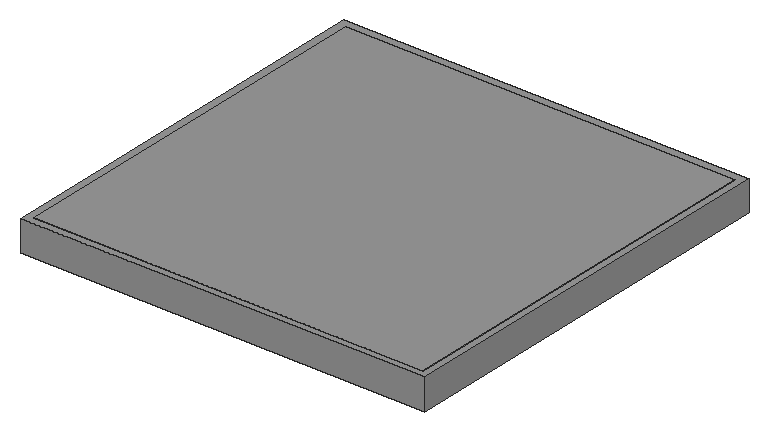
Revit family "ДВО-09 30 Вт Грильято DALI", category Осветительные приборы, Revit 2019 (continued)
Parameters (values of type "ДВО-09-О-30-3К-IP40-Грильято-DALI")
    0 0.0\r\n1213.1 1212.4 1211.4 1209.9 1207.9 1205.4 1202.5 1199.2 1195.4 1191.4 1186.7 1181.5 1176.1 1170.0 1163.6 1156.8 1149.5 1141.8 1133.8 1125.3 1116.3 1106.9 1097.4 1087.3 1076.9 1066.0 1055.1 1043.6 1032.1 1020.1 1007.7 995.1 982.0 968.3 954.5 940.5 926.0 911.6 896.4 881.5 865.6 850.1 833.9 817.7 801.0 784.3 767.3 750.5 733.2 716.1 698.4 680.8 662.5 644.3 625.5 606.7 587.4 568.2 548.4 528.9 509.0 489.1 468.8 448.8 428.2 407.8 387.1 366.6 345.6 325.0 304.0 283.4 262.5 242.3 221.7 201.9 182.0 162.7 143.6 124.9 107.4 90.3 74.6 59.7 46.8 35.2 26.0 18.6 13.5 10.1 7.9 6.9 6.3 6.1 6.2 6.2 6.2 6.2 6.3 6.4 0.0 0.0 0.0 0.0 0.0 0.0 0.0 0.0 0.0 0.0 0.0 0.0 0.0 0.0 0.0 0.0 0.0 0.0 0.0 0.0 0.0 0.0 0.0 0.0 0.0 0.0 0.0 0.0 0.0 0.0 0.0 0.0 0.0 0.0 0.0 0.0 0.0 0.0 0.0 0.0 0.0 0.0 0.0 0.0 0.0 0.0 0.0 0.0 0.0 0.0 0.0 0.0 0.0 0.0 0.0 0.0 0.0 0.0 0.0 0.0 0.0\r\n1213.1 1212.4 1211.2 1209.5 1207.3 1204.6 1201.4 1197.9 1193.9 1189.7 1184.8 1179.6 1173.9 1167.8 1161.1 1154.1 1146.5 1138.6 1130.3 1121.6 1112.5 1102.9 1093.3 1083.0 1072.6 1061.6 1050.5 1038.7 1027.0 1014.6 1002.0 989.0 975.7 961.8 947.9 933.7 919.2 904.6 889.6 874.5 859.0 843.5 827.5 811.2 794.7 777.8 760.8 743.6 726.1 708.5 690.7 672.6 654.3 635.8 617.2 598.2 579.1 559.8 540.3 520.6 500.6 480.7 460.3 440.2 419.4 399.0 378.2 357.6 336.7 316.2 295.3 275.0 254.3 234.4 214.1 194.5 175.0 156.0 137.2 119.1 101.8 85.3 70.0 55.8 43.3 32.6 23.9 17.1 12.4 9.3 7.5 6.7 6.4 6.3 6.4 6.4 6.3 6.4 6.5 6.6 0.0 0.0 0.0 0.0 0.0 0.0 0.0 0.0 0.0 0.0 0.0 0.0 0.0 0.0 0.0 0.0 0.0 0.0 0.0 0.0 0.0 0.0 0.0 0.0 0.0 0.0 0.0 0.0 0.0 0.0 0.0 0.0 0.0 0.0 0.0 0.0 0.0 0.0 0.0 0.0 0.0 0.0 0.0 0.0 0.0 0.0 0.0 0.0 0.0 0.0 0.0 0.0 0.0 0.0 0.0 0.0 0.0 0.0 0.0 0.0 0.0\r\n1213.1 1212.4 1211.0 1209.0 1206.6 1203.8 1200.3 1196.6 1192.3 1187.9 1182.9 1177.6 1171.6 1165.5 1158.5 1151.3 1143.5 1135.3 1126.8 1117.8 1108.6 1098.9 1089.1 1078.7 1068.2 1057.1 1045.8 1033.8 1021.8 1009.1 996.3 982.8 969.3 955.2 941.2 926.8 912.4 897.5 882.7 867.5 852.4 836.8 821.0 804.7 788.4 771.2 754.2 736.6 719.0 700.8 683.0 664.4 646.1 627.2 608.8 589.7 570.8 551.3 532.1 512.2 492.1 472.3 451.8 431.6 410.6 390.1 369.2 348.6 327.7 307.3 286.6 266.5 246.0 226.4 206.4 187.1 167.9 149.3 130.8 113.3 96.2 80.2 65.4 51.9 39.8 29.9 21.7 15.6 11.2 8.5 7.0 6.5 6.4 6.4 6.5 6.6 6.4 6.6 6.7 6.7 0.0 0.0 0.0 0.0 0.0 0.0 0.0 0.0 0.0 0.0 0.0 0.0 0.0 0.0 0.0 0.0 0.0 0.0 0.0 0.0 0.0 0.0 0.0 0.0 0.0 0.0 0.0 0.0 0.0 0.0 0.0 0.0 0.0 0.0 0.0 0.0 0.0 0.0 0.0 0.0 0.0 0.0 0.0 0.0 0.0 0.0 0.0 0.0 0.0 0.0 0.0 0.0 0.0 0.0 0.0 0.0 0.0 0.0 0.0 0.0 0.0\r\n1213.1 1212.5 1211.3 1209.5 1207.5 1205.0 1202.2 1198.8 1194.8 1190.7 1186.0 1181.0 1175.4 1169.1 1162.5 1155.4 1147.9 1140.1 1131.6 1123.0 1114.0 1104.9 1095.6 1085.8 1075.4 1064.4 1053.3 1041.6 1029.7 1017.2 1004.6 991.4 978.3 964.7 951.1 937.4 923.4 908.9 894.5 879.4 864.4 848.5 832.5 815.9 799.4 782.4 765.5 748.1 730.8 713.1 695.7 677.3 659.3 640.5 621.9 602.4 583.3 563.7 544.6 524.8 505.4 485.4 465.4 444.8 424.7 403.8 382.9 362.4 341.4 320.7 299.8 279.3 258.6 238.4 217.9 198.2 178.3 159.2 140.1 121.9 104.0 87.4 71.6 57.5 44.5 33.3 24.2 17.3 12.3 9.1 7.2 6.3 6.1 6.1 6.1 6.2 6.1 6.2 6.3 6.2 0.0 0.0 0.0 0.0 0.0 0.0 0.0 0.0 0.0 0.0 0.0 0.0 0.0 0.0 0.0 0.0 0.0 0.0 0.0 0.0 0.0 0.0 0.0 0.0 0.0 0.0 0.0 0.0 0.0 0.0 0.0 0.0 0.0 0.0 0.0 0.0 0.0 0.0 0.0 0.0 0.0 0.0 0.0 0.0 0.0 0.0 0.0 0.0 0.0 0.0 0.0 0.0 0.0 0.0 0.0 0.0 0.0 0.0 0.0 0.0 0.0\r\n1213.1 1212.5 1211.4 1209.7 1207.7 1205.2 1202.4 1199.0 1195.1 1191.1 1186.4 1181.3 1175.8 1169.6 1163.1 1156.1 1148.7 1141.0 1132.7 1124.2 1115.2 1105.9 1096.5 1086.6 1076.2 1065.2 1054.2 1042.6 1030.9 1018.7 1006.2 993.3 980.2 966.5 952.8 939.0 924.7 910.3 895.5 880.5 865.0 849.3 833.2 816.8 800.2 783.4 766.4 749.3 732.0 714.6 697.1 679.1 660.9 642.4 623.7 604.6 585.4 566.0 546.5 526.9 507.2 487.3 467.1 446.8 426.5 405.8 385.0 364.5 343.5 322.9 301.9 281.4 260.6 240.4 219.8 200.1 180.2 161.0 141.9 123.4 105.7 88.9 73.1 58.6 45.7 34.3 25.1 18.0 12.9 9.6 7.6 6.6 6.2 6.1 6.2 6.2 6.2 6.2 6.3 6.3 0.0 0.0 0.0 0.0 0.0 0.0 0.0 0.0 0.0 0.0 0.0 0.0 0.0 0.0 0.0 0.0 0.0 0.0 0.0 0.0 0.0 0.0 0.0 0.0 0.0 0.0 0.0 0.0 0.0 0.0 0.0 0.0 0.0 0.0 0.0 0.0 0.0 0.0 0.0 0.0 0.0 0.0 0.0 0.0 0.0 0.0 0.0 0.0 0.0 0.0 0.0 0.0 0.0 0.0 0.0 0.0 0.0 0.0 0.0 0.0 0.0\r\n1213.1 1212.4 1211.4 1209.9 1207.9 1205.4 1202.5 1199.2 1195.4 1191.4 1186.7 1181.5 1176.1 1170.0 1163.6 1156.8 1149.5 1141.8 1133.8 1125.3 1116.3 1106.9 1097.4 1087.3 1076.9 1066.0 1055.1 1043.6 1032.1 1020.1 1007.7 995.1 982.0 968.3 954.5 940.5 926.0 911.6 896.4 881.5 865.6 850.1 833.9 817.7 801.0 784.3 767.3 750.5 733.2 716.1 698.4 680.8 662.5 644.3 625.5 606.7 587.4 568.2 548.4 528.9 509.0 489.1 468.8 448.8 428.2 407.8 387.1 366.6 345.6 325.0 304.0 283.4 262.5 242.3 221.7 201.9 182.0 162.7 143.6 124.9 107.4 90.3 74.6 59.7 46.8 35.2 26.0 18.6 13.5 10.1 7.9 6.9 6.3 6.1 6.2 6.2 6.2 6.2 6.3 6.4 0.0 0.0 0.0 0.0 0.0 0.0 0.0 0.0 0.0 0.0 0.0 0.0 0.0 0.0 0.0 0.0 0.0 0.0 0.0 0.0 0.0 0.0 0.0 0.0 0.0 0.0 0.0 0.0 0.0 0.0 0.0 0.0 0.0 0.0 0.0 0.0 0.0 0.0 0.0 0.0 0.0 0.0 0.0 0.0 0.0 0.0 0.0 0.0 0.0 0.0 0.0 0.0 0.0 0.0 0.0 0.0 0.0 0.0 0.0 0.0 0.0\r\n1213.1 1212.4 1211.2 1209.5 1207.3 1204.6 1201.4 1197.9 1193.9 1189.7 1184.8 1179.6 1173.9 1167.8 1161.1 1154.1 1146.5 1138.6 1130.3 1121.6 1112.5 1102.9 1093.3 1083.0 1072.6 1061.6 1050.5 1038.7 1027.0 1014.6 1002.0 989.0 975.7 961.8 947.9 933.7 919.2 904.6 889.6 874.5 859.0 843.5 827.5 811.2 794.7 777.8 760.8 743.6 726.1 708.5 690.7 672.6 654.3 635.8 617.2 598.2 579.1 559.8 540.3 520.6 500.6 480.7 460.3 440.2 419.4 399.0 378.2 357.6 336.7 316.2 295.3 275.0 254.3 234.4 214.1 194.5 175.0 156.0 137.2 119.1 101.8 85.3 70.0 55.8 43.3 32.6 23.9 17.1 12.4 9.3 7.5 6.7 6.4 6.3 6.4 6.4 6.3 6.4 6.5 6.6 0.0 0.0 0.0 0.0 0.0 0.0 0.0 0.0 0.0 0.0 0.0 0.0 0.0 0.0 0.0 0.0 0.0 0.0 0.0 0.0 0.0 0.0 0.0 0.0 0.0 0.0 0.0 0.0 0.0 0.0 0.0 0.0 0.0 0.0 0.0 0.0 0.0 0.0 0.0 0.0 0.0 0.0 0.0 0.0 0.0 0.0 0.0 0.0 0.0 0.0 0.0 0.0 0.0 0.0 0.0 0.0 0.0 0.0 0.0 0.0 0.0\r\n1213.1 1212.4 1211.0 1209.0 1206.6 1203.8 1200.3 1196.6 1192.3 1187.9 1182.9 1177.6 1171.6 1165.5 1158.5 1151.3 1143.5 1135.3 1126.8 1117.8 1108.6 1098.9 1089.1 1078.7 1068.2 1057.1 1045.8 1033.8 1021.8 1009.1 996.3 982.8 969.3 955.2 941.2 926.8 912.4 897.5 882.7 867.5 852.4 836.8 821.0 804.7 788.4 771.2 754.2 736.6 719.0 700.8 683.0 664.4 646.1 627.2 608.8 589.7 570.8 551.3 532.1 512.2 492.1 472.3 451.8 431.6 410.6 390.1 369.2 348.6 327.7 307.3 286.6 266.5 246.0 226.4 206.4 187.1 167.9 149.3 130.8 113.3 96.2 80.2 65.4 51.9 39.8 29.9 21.7 15.6 11.2 8.5 7.0 6.5 6.4 6.4 6.5 6.6 6.4 6.6 6.7 6.7 0.0 0.0 0.0 0.0 0.0 0.0 0.0 0.0 0.0 0.0 0.0 0.0 0.0 0.0 0.0 0.0 0.0 0.0 0.0 0.0 0.0 0.0 0.0 0.0 0.0 0.0 0.0 0.0 0.0 0.0 0.0 0.0 0.0 0.0 0.0 0.0 0.0 0.0 0.0 0.0 0.0 0.0 0.0 0.0 0.0 0.0 0.0 0.0 0.0 0.0 0.0 0.0 0.0 0.0 0.0 0.0 0.0 0.0 0.0 0.0 0.0\r\n1213.1 1212.5 1211.3 1209.5 1207.5 1205.0 1202.2 1198.8 1194.8 1190.7 1186.0 1181.0 1175.4 1169.1 1162.5 1155.4 1147.9 1140.1 1131.6 1123.0 1114.0 1104.9 1095.6 1085.8 1075.4 1064.4 1053.3 1041.6 1029.7 1017.2 1004.6 991.4 978.3 964.7 951.1 937.4 923.4 908.9 894.5 879.4 864.4 848.5 832.5 815.9 799.4 782.4 765.5 748.1 730.8 713.1 695.7 677.3 659.3 640.5 621.9 602.4 583.3 563.7 544.6 524.8 505.4 485.4 465.4 444.8 424.7 403.8 382.9 362.4 341.4 320.7 299.8 279.3 258.6 238.4 217.9 198.2 178.3 159.2 140.1 121.9 104.0 87.4 71.6 57.5 44.5 33.3 24.2 17.3 12.3 9.1 7.2 6.3 6.1 6.1 6.1 6.2 6.1 6.2 6.3 6.2 0.0 0.0 0.0 0.0 0.0 0.0 0.0 0.0 0.0 0.0 0.0 0.0 0.0 0.0 0.0 0.0 0.0 0.0 0.0 0.0 0.0 0.0 0.0 0.0 0.0 0.0 0.0 0.0 0.0 0.0 0.0 0.0 0.0 0.0 0.0 0.0 0.0 0.0 0.0 0.0 0.0 0.0 0.0 0.0 0.0 0.0 0.0 0.0 0.0 0.0 0.0 0.0 0.0 0.0 0.0 0.0 0.0 0.0 0.0 0.0 0.0\r\n1213.1 1212.5 1211.4 1209.7 1207.7 1205.2 1202.4 1199.0 1195.1 1191.1 1186.4 1181.3 1175.8 1169.6 1163.1 1156.1 1148.7 1141.0 1132.7 1124.2 1115.2 1105.9 1096.5 1086.6 1076.2 1065.2 1054.2 1042.6 1030.9 1018.7 1006.2 993.3 980.2 966.5 952.8 939.0 924.7 910.3 895.5 880.5 865.0 849.3 833.2 816.8 800.2 783.4 766.4 749.3 732.0 714.6 697.1 679.1 660.9 642.4 623.7 604.6 585.4 566.0 546.5 526.9 507.2 487.3 467.1 446.8 426.5 405.8 385.0 364.5 343.5 322.9 301.9 281.4 260.6 240.4 219.8 200.1 180.2 161.0 141.9 123.4 105.7 88.9 73.1 58.6 45.7 34.3 25.1 18.0 12.9 9.6 7.6 6.6 6.2 6.1 6.2 6.2 6.2 6.2 6.3 6.3 0.0 0.0 0.0 0.0 0.0 0.0 0.0 0.0 0.0 0.0 0.0 0.0 0.0 0.0 0.0 0.0 0.0 0.0 0.0 0.0 0.0 0.0 0.0 0.0 0.0 0.0 0.0 0.0 0.0 0.0 0.0 0.0 0.0 0.0 0.0 0.0 0.0 0.0 0.0 0.0 0.0 0.0 0.0 0.0 0.0 0.0 0.0 0.0 0.0 0.0 0.0 0.0 0.0 0.0 0.0 0.0 0.0 0.0 0.0 0.0 0.0\r\n1213.1 1212.4 1211.4 1209.9 1207.9 1205.4 1202.5 1199.2 1195.4 1191.4 1186.7 1181.5 1176.1 1170.0 1163.6 1156.8 1149.5 1141.8 1133.8 1125.3 1116.3 1106.9 1097.4 1087.3 1076.9 1066.0 1055.1 1043.6 1032.1 1020.1 1007.7 995.1 982.0 968.3 954.5 940.5 926.0 911.6 896.4 881.5 865.6 850.1 833.9 817.7 801.0 784.3 767.3 750.5 733.2 716.1 698.4 680.8 662.5 644.3 625.5 606.7 587.4 568.2 548.4 528.9 509.0 489.1 468.8 448.8 428.2 407.8 387.1 366.6 345.6 325.0 304.0 283.4 262.5 242.3 221.7 201.9 182.0 162.7 143.6 124.9 107.4 90.3 74.6 59.7 46.8 35.2 26.0 18.6 13.5 10.1 7.9 6.9 6.3 6.1 6.2 6.2 6.2 6.2 6.3 6.4 0.0 0.0 0.0 0.0 0.0 0.0 0.0 0.0 0.0 0.0 0.0 0.0 0.0 0.0 0.0 0.0 0.0 0.0 0.0 0.0 0.0 0.0 0.0 0.0 0.0 0.0 0.0 0.0 0.0 0.0 0.0 0.0 0.0 0.0 0.0 0.0 0.0 0.0 0.0 0.0 0.0 0.0 0.0 0.0 0.0 0.0 0.0 0.0 0.0 0.0 0.0 0.0 0.0 0.0 0.0 0.0 0.0 0.0 0.0 0.0 0.0\r\n1213.1 1212.4 1211.2 1209.5 1207.3 1204.6 1201.4 1197.9 1193.9 1189.7 1184.8 1179.6 1173.9 1167.8 1161.1 1154.1 1146.5 1138.6 1130.3 1121.6 1112.5 1102.9 1093.3 1083.0 1072.6 1061.6 1050.5 1038.7 1027.0 1014.6 1002.0 989.0 975.7 961.8 947.9 933.7 919.2 904.6 889.6 874.5 859.0 843.5 827.5 811.2 794.7 777.8 760.8 743.6 726.1 708.5 690.7 672.6 654.3 635.8 617.2 598.2 579.1 559.8 540.3 520.6 500.6 480.7 460.3 440.2 419.4 399.0 378.2 357.6 336.7 316.2 295.3 275.0 254.3 234.4 214.1 194.5 175.0 156.0 137.2 119.1 101.8 85.3 70.0 55.8 43.3 32.6 23.9 17.1 12.4 9.3 7.5 6.7 6.4 6.3 6.4 6.4 6.3 6.4 6.5 6.6 0.0 0.0 0.0 0.0 0.0 0.0 0.0 0.0 0.0 0.0 0.0 0.0 0.0 0.0 0.0 0.0 0.0 0.0 0.0 0.0 0.0 0.0 0.0 0.0 0.0 0.0 0.0 0.0 0.0 0.0 0.0 0.0 0.0 0.0 0.0 0.0 0.0 0.0 0.0 0.0 0.0 0.0 0.0 0.0 0.0 0.0 0.0 0.0 0.0 0.0 0.0 0.0 0.0 0.0 0.0 0.0 0.0 0.0 0.0 0.0 0.0\r\n1213.1 1212.4 1211.0 1209.0 1206.6 1203.8 1200.3 1196.6 1192.3 1187.9 1182.9 1177.6 1171.6 1165.5 1158.5 1151.3 1143.5 1135.3 1126.8 1117.8 1108.6 1098.9 1089.1 1078.7 1068.2 1057.1 1045.8 1033.8 1021.8 1009.1 996.3 982.8 969.3 955.2 941.2 926.8 912.4 897.5 882.7 867.5 852.4 836.8 821.0 804.7 788.4 771.2 754.2 736.6 719.0 700.8 683.0 664.4 646.1 627.2 608.8 589.7 570.8 551.3 532.1 512.2 492.1 472.3 451.8 431.6 410.6 390.1 369.2 348.6 327.7 307.3 286.6 266.5 246.0 226.4 206.4 187.1 167.9 149.3 130.8 113.3 96.2 80.2 65.4 51.9 39.8 29.9 21.7 15.6 11.2 8.5 7.0 6.5 6.4 6.4 6.5 6.6 6.4 6.6 6.7 6.7 0.0 0.0 0.0 0.0 0.0 0.0 0.0 0.0 0.0 0.0 0.0 0.0 0.0 0.0 0.0 0.0 0.0 0.0 0.0 0.0 0.0 0.0 0.0 0.0 0.0 0.0 0.0 0.0 0.0 0.0 0.0 0.0 0.0 0.0 0.0 0.0 0.0 0.0 0.0 0.0 0.0 0.0 0.0 0.0 0.0 0.0 0.0 0.0 0.0 0.0 0.0 0.0 0.0 0.0 0.0 0.0 0.0 0.0 0.0 0.0 0.0\r\n1213.1 1212.5 1211.3 1209.5 1207.5 1205.0 1202.2 1198.8 1194.8 1190.7 1186.0 1181.0 1175.4 1169.1 1162.5 1155.4 1147.9 1140.1 1131.6 1123.0 1114.0 1104.9 1095.6 1085.8 1075.4 1064.4 1053.3 1041.6 1029.7 1017.2 1004.6 991.4 978.3 964.7 951.1 937.4 923.4 908.9 894.5 879.4 864.4 848.5 832.5 815.9 799.4 782.4 765.5 748.1 730.8 713.1 695.7 677.3 659.3 640.5 621.9 602.4 583.3 563.7 544.6 524.8 505.4 485.4 465.4 444.8 424.7 403.8 382.9 362.4 341.4 320.7 299.8 279.3 258.6 238.4 217.9 198.2 178.3 159.2 140.1 121.9 104.0 87.4 71.6 57.5 44.5 33.3 24.2 17.3 12.3 9.1 7.2 6.3 6.1 6.1 6.1 6.2 6.1 6.2 6.3 6.2 0.0 0.0 0.0 0.0 0.0 0.0 0.0 0.0 0.0 0.0 0.0 0.0 0.0 0.0 0.0 0.0 0.0 0.0 0.0 0.0 0.0 0.0 0.0 0.0 0.0 0.0 0.0 0.0 0.0 0.0 0.0 0.0 0.0 0.0 0.0 0.0 0.0 0.0 0.0 0.0 0.0 0.0 0.0 0.0 0.0 0.0 0.0 0.0 0.0 0.0 0.0 0.0 0.0 0.0 0.0 0.0 0.0 0.0 0.0 0.0 0.0\r\n1213.1 1212.5 1211.4 1209.7 1207.7 1205.2 1202.4 1199.0 1195.1 1191.1 1186.4 1181.3 1175.8 1169.6 1163.1 1156.1 1148.7 1141.0 1132.7 1124.2 1115.2 1105.9 1096.5 1086.6 1076.2 1065.2 1054.2 1042.6 1030.9 1018.7 1006.2 993.3 980.2 966.5 952.8 939.0 924.7 910.3 895.5 880.5 865.0 849.3 833.2 816.8 800.2 783.4 766.4 749.3 732.0 714.6 697.1 679.1 660.9 642.4 623.7 604.6 585.4 566.0 546.5 526.9 507.2 487.3 467.1 446.8 426.5 405.8 385.0 364.5 343.5 322.9 301.9 281.4 260.6 240.4 219.8 200.1 180.2 161.0 141.9 123.4 105.7 88.9 73.1 58.6 45.7 34.3 25.1 18.0 12.9 9.6 7.6 6.6 6.2 6.1 6.2 6.2 6.2 6.2 6.3 6.3 0.0 0.0 0.0 0.0 0.0 0.0 0.0 0.0 0.0 0.0 0.0 0.0 0.0 0.0 0.0 0.0 0.0 0.0 0.0 0.0 0.0 0.0 0.0 0.0 0.0 0.0 0.0 0.0 0.0 0.0 0.0 0.0 0.0 0.0 0.0 0.0 0.0 0.0 0.0 0.0 0.0 0.0 0.0 0.0 0.0 0.0 0.0 0.0 0.0 0.0 0.0 0.0 0.0 0.0 0.0 0.0 0.0 0.0 0.0 0.0 0.0\r\n1213.1 1212.4 1211.4 1209.9 1207.9 1205.4 1202.5 1199.2 1195.4 1191.4 1186.7 1181.5 1176.1 1170.0 1163.6 1156.8 1149.5 1141.8 1133.8 1125.3 1116.3 1106.9 1097.4 1087.3 1076.9 1066.0 1055.1 1043.6 1032.1 1020.1 1007.7 995.1 982.0 968.3 954.5 940.5 926.0 911.6 896.4 881.5 865.6 850.1 833.9 817.7 801.0 784.3 767.3 750.5 733.2 716.1 698.4 680.8 662.5 644.3 625.5 606.7 587.4 568.2 548.4 528.9 509.0 489.1 468.8 448.8 428.2 407.8 387.1 366.6 345.6 325.0 304.0 283.4 262.5 242.3 221.7 201.9 182.0 162.7 143.6 124.9 107.4 90.3 74.6 59.7 46.8 35.2 26.0 18.6 13.5 10.1 7.9 6.9 6.3 6.1 6.2 6.2 6.2 6.2 6.3 6.4 0.0 0.0 0.0 0.0 0.0 0.0 0.0 0.0 0.0 0.0 0.0 0.0 0.0 0.0 0.0 0.0 0.0 0.0 0.0 0.0 0.0 0.0 0.0 0.0 0.0 0.0 0.0 0.0 0.0 0.0 0.0 0.0 0.0 0.0 0.0 0.0 0.0 0.0 0.0 0.0 0.0 0.0 0.0 0.0 0.0 0.0 0.0 0.0 0.0 0.0 0.0 0.0 0.0 0.0 0.0 0.0 0.0 0.0 0.0 0.0 0.0\r\n1213.1 1212.4 1211.2 1209.5 1207.3 1204.6 1201.4 1197.9 1193.9 1189.7 1184.8 1179.6 1173.9 1167.8 1161.1 1154.1 1146.5 1138.6 1130.3 1121.6 1112.5 1102.9 1093.3 1083.0 1072.6 1061.6 1050.5 1038.7 1027.0 1014.6 1002.0 989.0 975.7 961.8 947.9 933.7 919.2 904.6 889.6 874.5 859.0 843.5 827.5 811.2 794.7 777.8 760.8 743.6 726.1 708.5 690.7 672.6 654.3 635.8 617.2 598.2 579.1 559.8 540.3 520.6 500.6 480.7 460.3 440.2 419.4 399.0 378.2 357.6 336.7 316.2 295.3 275.0 254.3 234.4 214.1 194.5 175.0 156.0 137.2 119.1 101.8 85.3 70.0 55.8 43.3 32.6 23.9 17.1 12.4 9.3 7.5 6.7 6.4 6.3 6.4 6.4 6.3 6.4 6.5 6.6 0.0 0.0 0.0 0.0 0.0 0.0 0.0 0.0 0.0 0.0 0.0 0.0 0.0 0.0 0.0 0.0 0.0 0.0 0.0 0.0 0.0 0.0 0.0 0.0 0.0 0.0 0.0 0.0 0.0 0.0 0.0 0.0 0.0 0.0 0.0 0.0 0.0 0.0 0.0 0.0 0.0 0.0 0.0 0.0 0.0 0.0 0.0 0.0 0.0 0.0 0.0 0.0 0.0 0.0 0.0 0.0 0.0 0.0 0.0 0.0 0.0\r\n1213.1 1212.4 1211.0 1209.0 1206.6 1203.8 1200.3 1196.6 1192.3 1187.9 1182.9 1177.6 1171.6 1165.5 1158.5 1151.3 1143.5 1135.3 1126.8 1117.8 1108.6 1098.9 1089.1 1078.7 1068.2 1057.1 1045.8 1033.8 1021.8 1009.1 996.3 982.8 969.3 955.2 941.2 926.8 912.4 897.5 882.7 867.5 852.4 836.8 821.0 804.7 788.4 771.2 754.2 736.6 719.0 700.8 683.0 664.4 646.1 627.2 608.8 589.7 570.8 551.3 532.1 512.2 492.1 472.3 451.8 431.6 410.6 390.1 369.2 348.6 327.7 307.3 286.6 266.5 246.0 226.4 206.4 187.1 167.9 149.3 130.8 113.3 96.2 80.2 65.4 51.9 39.8 29.9 21.7 15.6 11.2 8.5 7.0 6.5 6.4 6.4 6.5 6.6 6.4 6.6 6.7 6.7 0.0 0.0 0.0 0.0 0.0 0.0 0.0 0.0 0.0 0.0 0.0 0.0 0.0 0.0 0.0 0.0 0.0 0.0 0.0 0.0 0.0 0.0 0.0 0.0 0.0 0.0 0.0 0.0 0.0 0.0 0.0 0.0 0.0 0.0 0.0 0.0 0.0 0.0 0.0 0.0 0.0 0.0 0.0 0.0 0.0 0.0 0.0 0.0 0.0 0.0 0.0 0.0 0.0 0.0 0.0 0.0 0.0 0.0 0.0 0.0 0.0\r\n1213.1 1212.5 1211.3 1209.5 1207.5 1205.0 1202.2 1198.8 1194.8 1190.7 1186.0 1181.0 1175.4 1169.1 1162.5 1155.4 1147.9 1140.1 1131.6 1123.0 1114.0 1104.9 1095.6 1085.8 1075.4 1064.4 1053.3 1041.6 1029.7 1017.2 1004.6 991.4 978.3 964.7 951.1 937.4 923.4 908.9 894.5 879.4 864.4 848.5 832.5 815.9 799.4 782.4 765.5 748.1 730.8 713.1 695.7 677.3 659.3 640.5 621.9 602.4 583.3 563.7 544.6 524.8 505.4 485.4 465.4 444.8 424.7 403.8 382.9 362.4 341.4 320.7 299.8 279.3 258.6 238.4 217.9 198.2 178.3 159.2 140.1 121.9 104.0 87.4 71.6 57.5 44.5 33.3 24.2 17.3 12.3 9.1 7.2 6.3 6.1 6.1 6.1 6.2 6.1 6.2 6.3 6.2 0.0 0.0 0.0 0.0 0.0 0.0 0.0 0.0 0.0 0.0 0.0 0.0 0.0 0.0 0.0 0.0 0.0 0.0 0.0 0.0 0.0 0.0 0.0 0.0 0.0 0.0 0.0 0.0 0.0 0.0 0.0 0.0 0.0 0.0 0.0 0.0 0.0 0.0 0.0 0.0 0.0 0.0 
